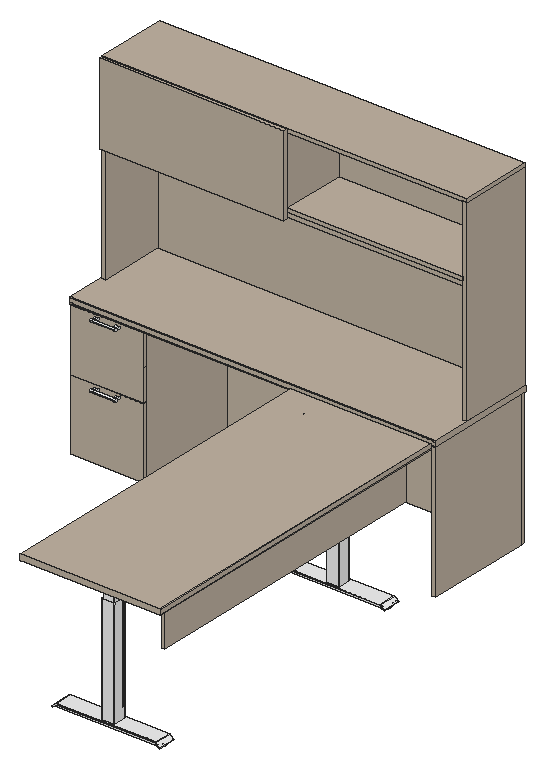
Revit family "JSI-Vision-Typical_Laminate-VST012", category Furniture, Revit 2020
Family settings
  OmniClass Number = 23.40.20.00
  OmniClass Title = General Furniture and Specialties
  Work Plane-Based = No
  Always vertical = Yes
  Cut with Voids When Loaded = No
  Shared = No
  Room Calculation Point = No
Parameters (values of type "VST012")
  URL = "www.jsifurniture.com"
  Type Comments = "Typical Laminate"  # constant formula
  Model = "VST012"
  Manufacturer = "JSI"  # constant formula
  Keynote = "12500"
  Default Elevation = 0"
  Assembly Code = "E2020200"
Reference planes (in)
  plane 1 "Center Front/Back": y = 0
  plane 2: z = 0
  plane 3 "Center Left/Right": x = 0
Dimensions and locks (in)
  aligned and locked: level to plane 2
Nested families (in)
  nested 1: "JSI-Vision-File_File_Credenza" at (36.06413, -10.75, 0), type "VST2478LC, Laminate 24 x 78 FF Ped Credenza Left"
    with Width 78", Panel R 23 3/4", Panel L 23 1/16", Panel B 62 1/4", Depth chassis 24", Depth 24"
  nested 2: "JSI-Vision-Overhead_Cabinets-Sliding_Door" at (0, 0, 0), type "VST1678SD, Laminate OH Cab. 16" x 78", Sld Doors"
    with Verticall Partition Distance 39", Unit Centre 39", Width 78", Right Vertical Partition no, Right Sliding Door no, Door Space 0"
  nested 3: "JSI-Vision-Adj_Table_Standard_Range" at (78, -25.20768, 0) x (0, -1, 0) z (0, 0, 1), type "VST3072AHTD-S, Adj Height Table Standard Range 72"W"
  nested 4: "JSI-Vision-Adj_Bridge_Modesty" at (75.75401, -29.20766, 0) x (0, -1, 0) z (0, 0, 1), type "VST0964TDM, Modesty for Adj Bridge, 64"W"
    with Width 64"
Definition of nested family "JSI-Vision-File_File_Credenza"
  Parameters (values of type "Type Catalog")
    Worksurface = none
    Width = 60"
    URL = "www.jsifurniture.com"
    Type Comments = ""
    Tag = "FF"  # constant formula
    Series = "Vision Casegoods"  # constant formula
    Pull Finish = none
    Panel R = if(LR, Depth - 1/4", Depth - 15/16")  # 19 3/4"
    Panel L = if(LR, Depth - 15/16", Depth - 1/4")  # 19 1/16"
    Panel FF = if(LR, 15", Width - 15 3/4")  # 15"
    Model = "Type Catalog"
    Material = ""
    Manufacturer = "JSI"  # constant formula
    LR = yes
    Keynote = "12500"
    JSI Enviromental Website = "http://www.jsifurniture.com/jsi_sustainability_intro.php"
    Height = 30"
    Grommet angle = if(LR, 90.00°, 270.00°)  # 90.00°
    Grommet Finish = none
    Panel B = if(LR, Width - 15 3/4", 15")  # 44 1/4"
    Grommet = if(LR, 14 1/2", Width - 15 49/128")  # 14 1/2"
    Drawer Front = none
    Description = "Type Catalog"
    Depth chassis = Depth  # 20"
    Depth = 20"
    Default Elevation = 0"
    Chassis = none
    FF = if(LR, 3/16", Width - 15 3/4" + 1/16")  # 3/16"
    Assembly Code = "E2020200"
  Reference planes (in)
    plane 1: z = 0
    plane 2 "Center (Left/Right)": x = -36.06413
    plane 3: z = 30
    plane 4: z = 28.8125
    plane 5: y = -9.25
    plane 6 "Center (Front/Back)": y = 10.75
    plane 7: y = 10.625
    plane 8: y = 10.75
    plane 9: x = -6.06413
    plane 10: x = 23.93587
    plane 11: y = 10.56003
    plane 12: x = -20.31413
    plane 13: x = 8.18587
    plane 14: y = -8.37
    plane 15: x = 15.93587
    plane 16: x = -28.12663
    plane 17: x = 23.81086
    plane 18: x = -35.93913
    plane 19: y = 8.875
    plane 20: y = 4.875
    plane 21: y = 9.8125
    plane 22: y = -8.31113
    plane 23: x = 8.18587
    plane 24: x = -35.87663
    plane 25: x = -20.37636
    plane 26: x = 23.68487
    plane 27: x = -21.56413
    plane 28: y = 6.875
    plane 29: y = -9
    plane 30: y = -8.3125
  Forms (in)
    Extrusion 1, solid, material <- "Worksurface"
      sketch origin (0, 0, 0) x (1, 0, 0) y (0, 1, 0)
        loop
          line (-36.06413, -9.125) -> (23.93587, -9.125) -> (23.93587, 10.625) -> (-36.06413, 10.625) -> (-36.06413, -9.125)
      from 28.8125 to 30
    Extrusion 2, solid, material <- "Drawer Front"
      sketch origin (-0.00163, 0.13, 0) x (1, 0, 0) y (0, 0, 1)
        loop
          line (-35.875, 28.6875) -> (-35.875, 22.07843) -> (-35.875, 15.32842) -> (-20.37473, 15.32842) -> (-20.37473, 22.07843) -> (-20.37473, 28.6875) -> (-35.875, 28.6875)
        loop
          line (-35.875, 15.20342) -> (-35.875, 0.14) -> (-20.37473, 0.14) -> (-20.37473, 15.20342) -> (-35.875, 15.20342)
      from 8.5 to 9.25
    Extrusion 3, solid, material <- "Chassis"
      sketch origin (-0.06413, 0, 0) x (0, 1, 0) y (0, 0, 1)
        loop
          line (-8.3125, 28.8125) -> (-8.3125, 0) -> (9.81003, 0) -> (9.81003, 28.8125) -> (-8.3125, 28.8125)
      from -35.875 to -35.125
    Extrusion 4, solid, material <- "Chassis"
      sketch origin (-0.06413, 0.034, 0) x (1, 0, 0) y (0, 0, 1)
        loop
          line (-35.125, 1.9375) -> (-35.125, 0) -> (-21, 0) -> (-21, 1.9375) -> (-35.125, 1.9375)
      from 7.59513 to 8.34513
    Extrusion 5, solid, material <- "Chassis"
      sketch origin (-0.06029, 0, 0) x (0, 1, 0) y (0, 0, -1)
        loop
          line (-9, -28.8125) -> (9.8125, -28.8125) -> (9.8125, 0) -> (-9, 0) -> (-9, -28.8125)
      from -23.87116 to -23.12116
    Sweep 6, solid, material <- "Worksurface"
      path in 3D
        loop
          line (-36.06413, -9.125, 30) -> (23.93587, -9.125, 30)
      profile origin (-6.06413, -9.125, 30) x (0, 1, 0) y (0, 0, 1)
        loop
          arc (0, 0) -> (-0.08839, -0.03661) -> (-0.125, -0.125) r 0.125
          line (-0.125, -0.125) -> (-0.125, -1.0625)
          arc (-0.125, -1.0625) -> (-0.08839, -1.15089) -> (0, -1.1875) r 0.125
          line (0, -1.1875) -> (0, 0)
    Extrusion 7, solid, material <- "Chassis"
      sketch origin (-0.06413, 28.15516, 0) x (1, 0, 0) y (0, 0, 1)
        loop
          line (-35.875, 28.8125) -> (-35.875, 0) -> (-20.25, 0) -> (-20.25, 28.8125) -> (-35.875, 28.8125)
      from 17.59513 to 18.34266
    Extrusion 8, solid, material <- "Chassis"
      sketch origin (57.45899, 0, 0) x (0, 1, 0) y (0, 0, -1)
        loop
          line (-8.31113, -28.8125) -> (9.8125, -28.8125) -> (9.8125, 0) -> (-8.31113, 0) -> (-8.31113, -28.8125)
      from 77.77312 to 78.52312
    Extrusion 9, solid, material <- "Chassis"
      sketch origin (-0.06413, 28.15516, 0) x (-1, 0, 0) y (0, 0, -1)
        loop
          line (-23.875, -28.8125) -> (-8.25, -28.8125) -> (-8.25, 0) -> (-23.875, 0) -> (-23.875, -28.8125)
      from 17.59513 to 18.34266
    Sweep 10, solid, material <- "Worksurface"
      path in 3D
        loop
          line (23.93587, 10.625, 30) -> (-36.06413, 10.625, 30)
      profile origin (-6.06413, 10.625, 30) x (0, -1, 0) y (0, 0, 1)
        loop
          arc (0, 0) -> (-0.08839, -0.03661) -> (-0.125, -0.125) r 0.125
          line (-0.125, -0.125) -> (-0.125, -1.0625)
          arc (-0.125, -1.0625) -> (-0.08839, -1.15089) -> (0, -1.1875) r 0.125
          line (0, -1.1875) -> (0, 0)
    Extrusion 11, solid, material <- "Chassis"
      sketch origin (0, 0, 0) x (1, 0, 0) y (0, 0, 1)
        loop
          line (8.93587, 2.5) -> (8.93587, 1.75) -> (23.06086, 1.75) -> (23.06086, 2.5) -> (8.93587, 2.5)
      from -9.8125 to -7.9375
    Extrusion 12, solid, material <- "Chassis"
      sketch origin (0, 0, 0) x (0, 1, 0) y (0, 0, 1)
        loop
          line (9.8125, 28.8125) -> (5.875, 28.8125) -> (5.875, 0) -> (9.8125, 0) -> (9.8125, 28.8125)
      from 8.18587 to 8.93587
    Extrusion 13, solid, material <- "Chassis"
      sketch origin (-12.12827, 0, 0) x (-1, 0, 0) y (0, 0, -1)
        loop
          line (8.93587, -2.5) -> (23.06086, -2.5) -> (23.06086, -1.75) -> (8.93587, -1.75) -> (8.93587, -2.5)
      from -9.8125 to -7.9375
    Extrusion 14, solid, material <- "Chassis"
      sketch origin (0, 0.03248, 0) x (1, 0, 0) y (0, 0, 1)
        loop
          line (-6.49921, 28.8125) -> (-20.31413, 28.8125) -> (-20.31413, 0) -> (8.18587, 0) -> (8.18587, 28.8125) -> (-6.49921, 28.8125)
      from -9.78002 to -9.03002
  Cuts and joins
    joined: Extrusion 1, Sweep 6, Sweep 10
  Lines and regions (in)
    sketch lines
      curve 1: line (-36.06413, -9.125, 30) -> (23.93587, -9.125, 30)
      curve 10: line (23.93587, 10.625, 30) -> (-36.06413, 10.625, 30)
    symbolic lines
      curve 2: line (23.93587, -9.25, 0) -> (-36.06413, -9.25, 0)
      curve 3: line (23.93587, -9.25, 0) -> (23.93587, 10.75, 0)
      curve 4: line (-36.06413, 10.75, 0) -> (-36.06413, -9.25, 0)
      curve 5: line (-20.31413, 10.56003, 0) -> (-35.93913, 10.56003, 0)
      curve 6: line (-20.37636, -8.37, 0) -> (-35.87663, -8.37, 0)
      curve 7: line (-20.37636, -9.12, 0) -> (-20.37636, -8.37, 0)
      curve 8: line (-35.87663, -9.12, 0) -> (-20.37636, -9.12, 0)
      curve 9: line (-35.87663, -8.37, 0) -> (-35.87663, -9.12, 0)
      curve 11: line (-36.06413, 10.75, 0) -> (23.93587, 10.75, 0)
      curve 12: line (-20.31413, -8.31113, 0) -> (-20.31413, 9.8125, 0)
      curve 13: line (-21.06413, -8.31113, 0) -> (-20.31413, -8.31113, 0)
      curve 14: line (23.81086, 10.56003, 0) -> (8.18587, 10.56003, 0)
      curve 15: line (8.18587, 10.56003, 0) -> (8.18587, 9.8125, 0)
      curve 16: line (8.18587, 9.8125, 0) -> (8.18587, 5.875, 0)
      curve 17: line (8.18587, 5.875, 0) -> (8.93587, 5.875, 0)
      curve 18: line (8.93587, 5.875, 0) -> (8.93587, 9.8125, 0)
      curve 19: line (-35.93913, -8.3125, 0) -> (-35.18913, -8.3125, 0)
      curve 20: line (-35.18913, -8.3125, 0) -> (-35.18913, 9.8125, 0)
      curve 21: line (-35.93913, 10.56003, 0) -> (-35.93913, -8.3125, 0)
      curve 22: line (23.06086, 9.8125, 0) -> (23.06086, -9, 0)
      curve 23: line (23.81086, -9, 0) -> (23.81086, 10.56003, 0)
      curve 24: line (23.06086, -9, 0) -> (23.81086, -9, 0)
      curve 25: line (-20.31413, 9.8125, 0) -> (-20.31413, 10.56003, 0)
      curve 26: line (-21.06413, 9.8125, 0) -> (-21.06413, -8.31113, 0)
      curve 27: line (23.81086, 9.8125, 0) -> (-35.93913, 9.8125, 0)
  Dimensions and locks (in)
    "Height": plane 3 to level
    locked: plane 3 to plane 4 at 1.1875
    "Depth": plane 6 "Center (Front/Back)" to plane 5
    locked: plane 7 to plane 6 "Center (Front/Back)" at 0.125
    equal spacing: plane 2 "Center (Left/Right)", plane 9, plane 10
    "Width": plane 2 "Center (Left/Right)" to plane 10
    locked: plane 8 to plane 11 at 0.18997
    "Depth chassis": plane 8 to plane 5
    locked: plane 2 "Center (Left/Right)" to plane 12 at 15.75
    locked: plane 13 to plane 10 at 15.75
    locked: Extrusion 4 to plane 14 at 0.80887
    locked: plane 14 to plane 5 at 0.88
    locked: plane 17 to plane 10 at 0.125
    locked: Extrusion 5 to Extrusion 5 at 0.75
    locked: Extrusion 3 to Extrusion 3 at 0.75
    locked: plane 19 to plane 20 at 4
    plane 22 to plane 5 = 0.93887"
    locked: plane 8 to plane 21 at 0.9375
    "Panel B": plane 2 "Center (Left/Right)" to plane 23
    locked: plane 23 to plane 15 at 7.75
    "FF": plane 2 "Center (Left/Right)" to plane 24
    locked: Extrusion 4 to Extrusion 4 at 0.75
    locked: plane 24 to plane 16 at 7.75
    locked: Extrusion 2 to Extrusion 2 at 0.75
    plane 8 to plane 20 = 5 7/8"
    Extrusion 7 to Extrusion 7 = 0.74753"
    Extrusion 8 to Extrusion 8 = 3/4"
    Extrusion 9 to Extrusion 9 = 0.74753"
    locked: plane 24 to plane 25 at 15.50027
    locked: plane 23 to plane 26 at 15.499
    plane 24 to Extrusion 4 to Extrusion 4 = 11/16" locked, 14 1/8" locked
    "Panel FF": plane 2 "Center (Left/Right)" to Extrusion 8
    locked: Extrusion 8 to Extrusion 8 at 0.75
    "Grommet": plane 2 "Center (Left/Right)" to plane 27
    equal spacing: plane 19, plane 28, plane 20
    "Panel B": plane 2 "Center (Left/Right)" to Extrusion 12
    locked: Extrusion 12 to Extrusion 12 at 3.9375
    locked: Extrusion 12 to Extrusion 12 at 0.75
    locked: Extrusion 11 to Extrusion 11 at 14.125
    locked: Extrusion 13 to Extrusion 13 at 14.125  (x2)
    locked: Extrusion 14 to Extrusion 14 at 0.75
    "Panel R": plane 29 to plane 6 "Center (Front/Back)"
    "Panel L": plane 8 to plane 30
    Extrusion 2 sketch curve to Extrusion 2 sketch curve to Extrusion 2 sketch curve to plane 1 = 1/8" locked, 15.06342" locked, 0.14" locked
    locked: plane 4 to Extrusion 2 sketch curve at 0.125
    locked: Extrusion 2 to nested 2 at 0.75
    locked: Extrusion 2 to nested 1 at 0.75
    aligned and locked: level to plane 1
    aligned and locked: Extrusion 3 to Extrusion 4
    aligned and locked: plane 17 to Extrusion 5
    aligned and locked: Extrusion 3 to plane 18
    aligned and locked: plane 14 to Extrusion 2
    aligned and locked: Extrusion 4 to plane 22
    aligned and locked: Extrusion 4 to level
    aligned and locked: nested 2 to plane 16
    aligned and locked: nested 1 to plane 16
    aligned and locked: Extrusion 2 to nested 1
    aligned and locked: Extrusion 2 to plane 24  (x2)
    aligned and locked: Extrusion 7 to plane 12
    aligned and locked: plane 4 to Extrusion 7
    aligned and locked: Extrusion 7 to plane 18
    aligned and locked: plane 18 to Extrusion 3
    aligned and locked: plane 11 to Extrusion 7
    aligned and locked: plane 22 to Extrusion 4
    aligned and locked: Extrusion 8 to plane 22
    aligned and locked: Extrusion 9 to plane 13
    aligned and locked: plane 17 to Extrusion 9
    aligned and locked: Extrusion 5 to plane 17
    aligned and locked: plane 25 to Extrusion 2  (x2)
    aligned and locked: curve 5 to Extrusion 7
    aligned and locked: curve 6 to Extrusion 2
    aligned and locked: curve 7 to Extrusion 2
    aligned and locked: curve 8 to Extrusion 2
    aligned and locked: curve 9 to Extrusion 2
    aligned and locked: Extrusion 1 to plane 7
    aligned and locked: plane 11 to Extrusion 9
    aligned and locked: curve 3 to cut or joined group of Extrusion 1, Sweep 6, Sweep 10
    aligned and locked: curve 12 to Extrusion 8
    aligned and locked: curve 13 to Extrusion 8
    aligned and locked: plane 21 to Extrusion 9
    aligned and locked: plane 21 to Extrusion 12
    aligned and locked: plane 21 to Extrusion 11
    aligned and locked: Extrusion 11 to Extrusion 5
    aligned and locked: Extrusion 13 to Extrusion 3
    aligned and locked: curve 14 to Extrusion 9
    aligned and locked: curve 15 to Extrusion 9
    aligned and locked: Extrusion 12 to curve 16
    aligned and locked: curve 17 to Extrusion 12
    aligned and locked: curve 18 to Extrusion 12
    aligned and locked: Extrusion 3 to plane 30
    aligned and locked: curve 19 to Extrusion 3
    aligned and locked: curve 20 to Extrusion 3
    aligned and locked: curve 21 to Extrusion 3
    aligned and locked: Extrusion 5 to plane 29
    aligned and locked: curve 22 to Extrusion 5
    aligned and locked: curve 23 to Extrusion 5
    aligned and locked: curve 24 to Extrusion 5
    aligned and locked: curve 25 to Extrusion 7
    aligned and locked: plane 21 to Extrusion 8
    aligned and locked: plane 21 to Extrusion 5
    aligned and locked: Extrusion 7 to plane 21
    aligned and locked: curve 26 to Extrusion 8
    aligned and locked: nested 3 to plane 16
    aligned and locked: nested 3 to plane 5
    aligned and locked: curve 27 to Extrusion 14
    aligned and locked: Extrusion 2 to nested 2
  Automatic sketch dimensions
    Extrusion 1 sketch curve to plane 2 "Center (Left/Right)" = 0"
    Extrusion 1 sketch curve to plane 10 = 0"
    plane 7 to Extrusion 1 sketch curve = 0"
    plane 5 to Extrusion 1 sketch curve = 1/8"
    Extrusion 2 sketch curve to plane 24 = 0"  (x2)
    Extrusion 2 sketch curve to plane 25 = 0"  (x2)
    Extrusion 2 sketch curve to plane 4 = 6.73407"  (x2)
    Extrusion 3 sketch curve to plane 4 = 0"
    Extrusion 3 sketch curve to plane 22 = 0.00137"
    Extrusion 3 sketch curve to level = 0"
    Extrusion 3 sketch curve to plane 21 = 0.00247"
    Extrusion 4 sketch curve to level = 0"
    plane 27 to Extrusion 4 sketch curve = 13 5/8"
    Extrusion 4 sketch curve to plane 25 = 0.68777"
    level to Extrusion 4 sketch curve = 1 15/16"
    Extrusion 5 sketch curve to plane 4 = 0"
    Extrusion 5 sketch curve to plane 22 = 0.68887"
    Extrusion 5 sketch curve to level = 0"
    Extrusion 5 sketch curve to plane 21 = 0"
    Sweep 6 sketch curve to profile plane = 0"  (x2)
    profile plane to Sweep 6 sketch curve = 1/8"
    Sweep 6 sketch curve to Sweep 6 sketch curve = 15/16"
    Extrusion 7 sketch curve to level = 0"
    plane 18 to Extrusion 7 sketch curve = 0"
    plane 12 to Extrusion 7 sketch curve = 0"
    Extrusion 7 sketch curve to plane 4 = 0"
    Extrusion 8 sketch curve to plane 22 = 0"
    Extrusion 8 sketch curve to level = 0"
    Extrusion 8 sketch curve to plane 21 = 0"
    Extrusion 9 sketch curve to level = 0"
    Extrusion 9 sketch curve to plane 17 = 0"
    Extrusion 9 sketch curve to plane 13 = 0"
    Extrusion 9 sketch curve to plane 4 = 0"
    Sweep 10 sketch curve to profile plane = 0"  (x2)
    profile plane to Sweep 10 sketch curve = 1/8"
    Sweep 10 sketch curve to Sweep 10 sketch curve = 15/16"
    Extrusion 11 sketch curve to plane 27 = 30 1/2"
    plane 25 to Extrusion 11 sketch curve = 43.43723"
    level to Extrusion 11 sketch curve = 1 3/4"
    Extrusion 11 sketch curve to Extrusion 11 sketch curve = 3/4"
    Extrusion 12 sketch curve to level = 0"
    Extrusion 12 sketch curve to plane 21 = 0"
    Extrusion 12 sketch curve to plane 28 = 1"
    plane 4 to Extrusion 12 sketch curve = 0"
    Extrusion 13 sketch curve to plane 23 = 29 1/4"
    Extrusion 13 sketch curve to plane 18 = 3/4"
    level to Extrusion 13 sketch curve = 2 1/2"
    Extrusion 13 sketch curve to Extrusion 13 sketch curve = 3/4"
    Extrusion 14 sketch curve to level = 0"
    Extrusion 14 sketch curve to plane 4 = 0"
    Extrusion 14 sketch curve to plane 13 = 0"
    plane 9 to Extrusion 14 sketch curve = 0.43507"
    plane 12 to Extrusion 14 sketch curve = 0"
    curve 2 to plane 2 "Center (Left/Right)" = 0"
    curve 27 to plane 18 = 0"
    curve 9 to plane 14 = 0"
    curve 9 to plane 24 = 0"
    curve 20 to plane 30 = 0"
    curve 26 to plane 22 = 0"
    curve 7 to plane 25 = 0"
    curve 5 to plane 11 = 0"
    curve 5 to plane 12 = 0"
    curve 16 to plane 23 = 0"
    curve 15 to plane 11 = 0"
    curve 15 to plane 13 = 0"
    curve 24 to plane 29 = 0"
    curve 24 to plane 17 = 0"
    curve 2 to plane 5 = 0"
    plane 6 "Center (Front/Back)" to curve 11 = 0"
    plane 24 to curve 20 = 11/16"
    curve 26 to plane 27 = 1/2"
    plane 12 to curve 13 = 0"
    plane 13 to curve 17 = 3/4"
    curve 24 to plane 26 = 0.624"
    curve 8 to plane 29 = 0.12"
    curve 17 to plane 28 = 1"
    curve 25 to plane 21 = 0"
    Extrusion 8 sketch curve to plane 4 = 0"
  Nested families (in)
    nested 1: "Bar Pull" at (-28.12663, -9.12, 14.45342), Pull Finish <- "Pull Finish", type "PL"
      with Pull Finish none
    nested 2: "Bar Pull" at (-28.12663, -9.12, 27.9375), Pull Finish <- "Pull Finish", type "PL"
      with Pull Finish none
    nested 3: "Label 1-16-FF" at (-28.12663, -9.25, 0), type "DRWCFG"
  Definition of nested family "Bar Pull"
    Parameters
      Pull Finish [instance] = none
      Default Elevation = 0"
    Reference planes (in)
      plane 1 "Center Front/Back": y = 0
      plane 2: z = 0
      plane 3 "Center Left/Right": x = 0
      plane 4: x = -2.68731
      plane 5: x = -1.88731
      plane 6: x = 2.68731
      plane 7: x = 1.88731
      plane 8: y = -1
      plane 9: y = -0.85202
    Forms (in)
      Extrusion 1, solid, material <- "Pull Finish"
        sketch origin (0, 0, 0) x (0, 1, 0) y (0, 0, 1)
          loop
            line (0, -0.2015) -> (0, 0.2015) -> (-0.85202, 0.2015)
            arc (-0.85202, 0.2015) -> (-0.75, 0) -> (-0.85202, -0.2015) r 0.25
            line (-0.85202, -0.2015) -> (0, -0.2015)
        from 1.88731 to 2.68731
      Extrusion 2, solid, material <- "Pull Finish"
        sketch origin (0, 0, 0) x (0, 1, 0) y (0, 0, 1)
          loop
            circle (-1, 0) r 0.25
        from -2.68731 to 2.68731
      Extrusion 3, solid, material <- "Pull Finish"
        sketch origin (0, 0, 0) x (0, 1, 0) y (0, 0, -1)
          loop
            line (0, 0.2015) -> (-0.85202, 0.2015)
            arc (-0.85202, 0.2015) -> (-0.75, 0) -> (-0.85202, -0.2015) r 0.25
            line (-0.85202, -0.2015) -> (0, -0.2015) -> (0, 0.2015)
        from 1.88731 to 2.68731
    Dimensions and locks (in)
      plane 4 to plane 5 to plane 3 "Center Left/Right" to plane 7 to plane 6 = 0.8" locked, 1.88731" locked, 1.88731" locked, 0.8" locked
      plane 8 to plane 9 to plane 1 "Center Front/Back" = 0.14798" locked, 0.85202" locked
      aligned and locked: level to plane 2
      aligned and locked: plane 4 to Extrusion 3
      aligned and locked: Extrusion 3 to plane 5
      aligned and locked: plane 4 to Extrusion 2
      aligned and locked: Extrusion 1 to plane 7
      aligned and locked: plane 6 to Extrusion 1
      aligned and locked: plane 6 to Extrusion 2
      aligned and locked: plane 8 to Extrusion 2 sketch curve
      aligned and locked: Extrusion 3 to plane 1 "Center Front/Back"
      aligned and locked: Extrusion 1 to plane 1 "Center Front/Back"
      aligned and locked: plane 5 to Extrusion 3
      aligned and locked: Extrusion 3 to plane 4
      aligned and locked: Extrusion 2 to plane 4
      aligned and locked: plane 7 to Extrusion 1
      aligned and locked: Extrusion 1 to plane 6
      aligned and locked: Extrusion 2 to plane 6
  Definition of nested family "Label 1-16-FF"
    Parameters
      Width = 1"
      Model Name = "FF"
    Reference planes (in)
      plane 1: y = 0
      plane 2: x = 0
    Text (in)
      label "XX" at (0.00051, -0.12324, 0), shows "Model Name"
Definition of nested family "JSI-Vision-Overhead_Cabinets-Sliding_Door"
  Parameters (values of type "Overhead Cab. Sliding Doors - Type Catalog Family")
    Verticall Partition Distance = if(Width > 84", ((Width - 1/2") / 3), (Width / 2))  # 29.83333"
    Unit Centre = Width / 2  # 45"
    Top = none
    Width = 90"
    URL = "www.jsifurniture.com"
    Type Comments = ""
    Tag = "1 Door - 1 Shelf - 1 Door"
    Series = "Vision Casegoods"  # constant formula
    Right Vertical Partition = yes
    Right Sliding Door = yes
    Overhead Height = 26 1/2"
    OH Elevation = 30"
    Model = "Type Catalog"
    Material = ""
    Manufacturer = "JSI"  # constant formula
    Left Vertical Partition = yes
    Keynote = "12500"  # constant formula
    JSI Enviromental Website = "http://www.jsifurniture.com/jsi_sustainability_intro.php"
    Height = 42"
    Grommet Finish = none
    Gromett Height = OH Elevation + 24 5/8"  # 54 5/8"
    Door Space = if(Width > 84", 1/16", 0")  # 1/16"
    Door Front = none
    Description = "Type Catalog"
    Depth = 16"
    Default Elevation = 0"
    Chassis = none
    Assembly Code = "E2020200"
  Reference planes (in)
    plane 1 "Center Front/Back": y = 0
    plane 2: z = 0
    plane 3 "Center Left/Right": x = 0
    plane 4: z = 0
    plane 5: y = -0.125
    plane 6: x = 90
    plane 7: x = 0.125
    plane 8: x = 89.875
    plane 9: y = -15.5625
    plane 10: y = -16
    plane 11: z = 72.5
    plane 12: z = 72
    plane 13: x = 0.875
    plane 14: x = 89.125
    plane 15: y = -0.875
    plane 16: y = -0.9375
    plane 17: y = -1.6875
    plane 18: z = 71.75
    plane 19: z = 56.5
    plane 20: z = 57.25
    plane 21: z = 55
    plane 22: y = -14.8125
    plane 23: y = -14.0625
    plane 24: x = 0.25
    plane 25: x = 89.75
    plane 26: z = 72.4375
    plane 27: z = 55.1875
    plane 28: y = -15.625
    plane 29: y = -16.375
    plane 30: x = 18.0625
    plane 31: x = 18.1875
    plane 32: x = 18.125
    plane 33: x = 45
    plane 34: x = 30.08333
    plane 35: x = 59.91667
    plane 36: x = 29.70833
    plane 37: x = 30.45833
    plane 38: x = 59.54167
    plane 39: x = 60.29167
    plane 40 "Not a Reference": x = 6.875
    plane 41: x = 83.125
    plane 42: x = 30.39583
    plane 43: x = 59.60417
    plane 44: z = 30
  Forms (in)
    Extrusion 1, solid, material <- "Chassis"
      sketch origin (0, 0, 0) x (1, 0, 0) y (0, 1, 0)
        loop
          line (0.125, -0.125) -> (0.125, -15.5625) -> (0.875, -15.5625) -> (0.875, -0.125) -> (0.125, -0.125)
      from 30 to 71.75
    Extrusion 2, solid, material <- "Chassis"
      sketch origin (0, 0, 0) x (1, 0, 0) y (0, 1, 0)
        loop
          line (89.875, -0.125) -> (89.125, -0.125) -> (89.125, -15.5625) -> (89.875, -15.5625) -> (89.875, -0.125)
      from 30 to 71.75
    Extrusion 3, solid, material <- "Door Front"
      sketch origin (0, 0, 0) x (1, 0, 0) y (0, 0, 1)
        loop
          line (0.125, 72.5) -> (0.125, 71.75) -> (89.875, 71.75) -> (89.875, 72.5) -> (0.125, 72.5)
      from 0.125 to 15.5625
    Extrusion 4, solid, material <- "Chassis"
      sketch origin (0, 0, 0) x (1, 0, 0) y (0, 0, 1)
        loop
          line (0.875, 57.25) -> (0.875, 56.5) -> (89.125, 56.5) -> (89.125, 57.25) -> (0.875, 57.25)
      from 1.6875 to 15.5625
    Extrusion 5, solid, material <- "Chassis"
      sketch origin (0, 0, 0) x (1, 0, 0) y (0, 1, 0)
        loop
          line (0.875, -14.0625) -> (0.875, -14.8125) -> (89.125, -14.8125) -> (89.125, -14.0625) -> (0.875, -14.0625)
      from 55 to 56.5
    Extrusion 6, solid, material <- "Door Front"
      sketch origin (0, 0.0625, 0) x (1, 0, 0) y (0, 1, 0)
        loop
          line (0.25, -15.6875) -> (0.25, -16.4375) -> (30.39583, -16.4375) -> (30.39583, -15.6875) -> (0.25, -15.6875)
      from 55.1875 to 72.4375
    Extrusion 7, solid, material <- "Chassis", visible <- "Left Vertical Partition"
      sketch origin (0, 0, 0) x (1, 0, 0) y (0, 1, 0)
        loop
          line (29.70833, -1.6875) -> (29.70833, -15.5625) -> (30.45833, -15.5625) -> (30.45833, -1.6875) -> (29.70833, -1.6875)
      from 57.25 to 71.75
    Extrusion 8, solid, material <- "Chassis", visible <- "Right Vertical Partition"
      sketch origin (0, 0, 0) x (1, 0, 0) y (0, 1, 0)
        loop
          line (59.54167, -1.6875) -> (59.54167, -15.5625) -> (60.29167, -15.5625) -> (60.29167, -1.6875) -> (59.54167, -1.6875)
      from 57.25 to 71.75
    Extrusion 9, solid, material <- "Chassis"
      sketch origin (130.61992, -0.9375, 48) x (1, 0, 0) y (0, 0, 1)
        loop
          line (-129.74492, 23.75) -> (-129.74492, -18) -> (-41.49492, -18) -> (-41.49492, 23.75) -> (-129.74492, 23.75)
        loop
          circle (-114.11949, 7.90454) r 0.33717
        loop
          circle (-57.12036, 7.90454) r 0.33717
      from 0 to 0.75
    Extrusion 10, solid, material <- "Door Front", visible <- "Right Sliding Door"
      sketch origin (0, 0, 0) x (1, 0, 0) y (0, 1, 0)
        loop
          line (59.60417, -15.625) -> (59.60417, -16.375) -> (89.75, -16.375) -> (89.75, -15.625) -> (59.60417, -15.625)
      from 55.1875 to 72.4375
  Lines and regions (in)
    symbolic lines
      curve 1: line (0.125, -0.125, 0) -> (0.125, -15.5625, 0)
      curve 2: line (89.875, -0.125, 0) -> (0.125, -0.125, 0)
      curve 3: line (0.125, -15.5625, 0) -> (89.875, -15.5625, 0)
      curve 4: line (89.875, -15.5625, 0) -> (89.875, -0.125, 0)
      curve 5: line (0.25, -15.625, 0) -> (30.39583, -15.625, 0)
      curve 6: line (0.25, -16.375, 0) -> (0.25, -15.625, 0)
      curve 7: line (30.39583, -16.375, 0) -> (0.25, -16.375, 0)
      curve 8: line (30.39583, -15.625, 0) -> (30.39583, -16.375, 0)
    symbolic lines, visible <- "Right Sliding Door"
      curve 9: line (59.60417, -16.375, 0) -> (89.75, -16.375, 0)
      curve 10: line (59.60417, -15.625, 0) -> (59.60417, -16.375, 0)
      curve 11: line (89.75, -15.625, 0) -> (59.60417, -15.625, 0)
      curve 12: line (89.75, -16.375, 0) -> (89.75, -15.625, 0)
  Dimensions and locks (in)
    plane 3 "Center Left/Right" to plane 7 to plane 24 = 1/8" locked, 1/8" locked
    plane 25 to plane 8 to plane 6 = 1/8" locked, 1/8" locked
    locked: plane 5 to plane 1 "Center Front/Back" at 0.125
    plane 10 to plane 9 to plane 22 to plane 23 = 7/16" locked, 3/4" locked, 3/4" locked
    "Width": plane 3 "Center Left/Right" to plane 6
    "Depth": plane 10 to plane 1 "Center Front/Back"
    locked: plane 11 to plane 12 at 0.5
    locked: plane 7 to plane 13 at 0.75
    locked: plane 14 to plane 8 at 0.75
    locked: plane 15 to plane 5 at 0.75
    plane 17 to plane 16 to plane 5 = 3/4" locked, 13/16" locked
    locked: plane 11 to plane 18 at 0.75
    plane 20 to plane 19 to plane 21 = 3/4" locked, 1 1/2" locked
    plane 18 to plane 20 = 14 1/2"
    locked: plane 11 to plane 26 at 0.0625
    locked: plane 27 to plane 21 at 0.1875
    plane 29 to plane 28 to plane 9 = 3/4" locked, 1/16" locked
    plane 30 to plane 32 to plane 31 = 1/16" locked, 1/16" locked
    "Verticall Partition Distance": plane 24 to plane 34
    plane 36 to plane 34 to plane 37 = 3/8" locked, 3/8" locked
    plane 38 to plane 35 to plane 39 = 3/8" locked, 3/8" locked
    "Verticall Partition Distance": plane 35 to plane 25
    "Unit Centre": plane 3 "Center Left/Right" to plane 33
    locked: plane 13 to plane 40 "Not a Reference" at 6
    locked: plane 41 to plane 14 at 6
    "Door Space": plane 42 to plane 37
    "Door Space": plane 38 to plane 43
    "OH Elevation": plane 44 to plane 4
    "Height": plane 12 to plane 44
    "Overhead Height": plane 19 to plane 44
    locked: Extrusion 9 sketch curve to Extrusion 9 sketch curve at 15.62543  (x2)
    locked: Extrusion 9 sketch curve to Extrusion 9 sketch curve at 15.84546  (x2)
    aligned and locked: level to plane 2
    aligned and locked: plane 5 to Extrusion 1 sketch curve
    aligned and locked: plane 7 to Extrusion 1 sketch curve
    aligned and locked: Extrusion 1 sketch curve to plane 13
    aligned and locked: Extrusion 2 sketch curve to plane 5
    aligned and locked: plane 8 to Extrusion 2 sketch curve
    aligned and locked: Extrusion 2 sketch curve to plane 14
    aligned and locked: Extrusion 3 sketch curve to plane 11
    aligned and locked: plane 7 to Extrusion 3 sketch curve
    aligned and locked: Extrusion 3 to plane 5
    aligned and locked: plane 9 to Extrusion 1
    aligned and locked: plane 9 to Extrusion 2
    aligned and locked: plane 9 to Extrusion 3
    aligned and locked: Extrusion 4 sketch curve to plane 20
    aligned and locked: plane 13 to Extrusion 4 sketch curve
    aligned and locked: plane 19 to Extrusion 4 sketch curve
    aligned and locked: Extrusion 4 sketch curve to plane 14
    aligned and locked: Extrusion 4 to plane 17
    aligned and locked: plane 9 to Extrusion 4
    aligned and locked: plane 23 to Extrusion 5 sketch curve
    aligned and locked: plane 13 to Extrusion 5 sketch curve
    aligned and locked: Extrusion 5 sketch curve to plane 22
    aligned and locked: Extrusion 5 sketch curve to plane 14
    aligned and locked: plane 19 to Extrusion 5
    aligned and locked: Extrusion 5 to plane 21
    aligned and locked: plane 26 to Extrusion 6
    aligned and locked: Extrusion 6 to plane 27
    aligned and locked: Extrusion 6 to plane 24
    aligned and locked: plane 17 to Extrusion 7 sketch curve
    aligned and locked: plane 36 to Extrusion 7 sketch curve
    aligned and locked: Extrusion 7 sketch curve to plane 9
    aligned and locked: Extrusion 7 sketch curve to plane 37
    aligned and locked: plane 17 to Extrusion 8 sketch curve
    aligned and locked: plane 38 to Extrusion 8 sketch curve
    aligned and locked: Extrusion 8 sketch curve to plane 9
    aligned and locked: Extrusion 8 sketch curve to plane 39
    aligned and locked: plane 18 to Extrusion 7
    aligned and locked: Extrusion 7 to plane 20
    aligned and locked: plane 18 to Extrusion 8
    aligned and locked: Extrusion 8 to plane 20
    aligned and locked: Extrusion 1 to Extrusion 9 sketch curve
    aligned and locked: Extrusion 9 sketch curve to Extrusion 1
    aligned and locked: Extrusion 2 to Extrusion 9 sketch curve
    aligned and locked: Extrusion 9 to plane 16
    aligned and locked: plane 17 to Extrusion 9
    aligned and locked: Extrusion 6 to plane 28
    aligned and locked: plane 24 to Extrusion 6 sketch curve
    aligned and locked: plane 28 to Extrusion 6 sketch curve
    aligned and locked: Extrusion 6 sketch curve to plane 29
    aligned and locked: Extrusion 6 sketch curve to plane 42
    aligned and locked: plane 28 to Extrusion 10 sketch curve
    aligned and locked: plane 43 to Extrusion 10 sketch curve
    aligned and locked: Extrusion 10 sketch curve to plane 29
    aligned and locked: Extrusion 10 sketch curve to plane 25
    aligned and locked: plane 26 to Extrusion 10
    aligned and locked: Extrusion 10 to plane 27
    aligned and locked: plane 33 to nested 1
    aligned and locked: plane 29 to nested 1
    aligned and locked: plane 18 to Extrusion 1
    aligned and locked: plane 18 to Extrusion 2
    aligned and locked: curve 1 to Extrusion 3
    aligned and locked: curve 2 to Extrusion 3
    aligned and locked: curve 3 to Extrusion 3
    aligned and locked: curve 4 to Extrusion 3
    aligned and locked: Extrusion 1 to plane 44
    aligned and locked: Extrusion 2 to plane 44
    aligned and locked: plane 44 to Extrusion 9 sketch curve
    aligned and locked: curve 5 to Extrusion 6
    aligned and locked: curve 6 to Extrusion 6
    aligned and locked: curve 7 to Extrusion 6
    aligned and locked: curve 8 to Extrusion 6
    aligned and locked: curve 9 to Extrusion 10
    aligned and locked: curve 10 to Extrusion 10
    aligned and locked: curve 11 to Extrusion 10
    aligned and locked: curve 12 to Extrusion 10
  Automatic sketch dimensions
    Extrusion 1 sketch curve to plane 10 = 7/16"
    Extrusion 3 sketch curve to plane 8 = 0"
    Extrusion 3 sketch curve to plane 18 = 0"
    plane 9 to Extrusion 2 sketch curve = 0"
    radius of Extrusion 9 sketch curve = 0.33717"  (x2)
  Nested families (in)
    nested 1: "Label 1-16 OH" at (45, -16.375, 0), type "OH DOORS"
  Definition of nested family "Label 1-16 OH"
    Parameters
      Width = 1"
      Model Name = "2 Doors"
    Reference planes (in)
      plane 1: y = 0
      plane 2: x = 0
    Text (in)
      label "XX" at (0.00051, -0.12324, 0), shows "Model Name"
Definition of nested family "JSI-Vision-Adj_Table_Standard_Range"
  Parameters (values of type "VST3048AHTD-S, Adj Height Table Standard Range 48"W")
    Width = 48"
    Upper Leg Finish = none
    URL = "www.jsifurniture.com"
    Type Comments = ""
    Top Finish = none
    Support Finish = none
    Series = "Vision Casegoods"  # constant formula
    Low Leg Finish = none
    Model = "VST3048AHTD-S"
    Material = ""
    Manufacturer = "JSI"  # constant formula
    Keynote = "12500"  # constant formula
    JSI Enviromental Website = "http://www.jsifurniture.com/jsi_sustainability_intro.php"
    Height = 30"
    Glide Finish = none
    Feet Finish = none
    Description = "Adjustable Height Table Desk Standard Range Laminate, 30”H x 30” x 48”W"
    Depth = 30"
    Default Elevation = 0"
    Assembly Code = "E2020200"
    Adj Post Finish = none
  Types (6): name | Width | Model | Description
    VST3072AHTD-S, Adj Height Table Standard Range 72"W | 72" | "VST3072AHTD-S" | "Adjustable Height Table Desk Standard Range Laminate, 30”H x 30” x 72”W"
    VSV3072AHTD-S, Adj Height Table Standard Range 72"W | 72" | "VSV3072AHTD-S" | "Adjustable Height Table Desk Standard Range Venner, 30”H x 30” x 72”W"
    VST3060AHTD-S, Adj Height Table Standard Range 60"W | 60" | "VST3060AHTD-S" | "Adjustable Height Table Desk Standard Range Laminate, 30”H x 30” x 60”W"
    VSV3060AHTD-S, Adj Height Table Standard Range 60"W | 60" | "VSV3060AHTD-S" | "Adjustable Height Table Desk Standard Range Venner, 30”H x 30” x 60”W"
    VST3048AHTD-S, Adj Height Table Standard Range 48"W | 48" | "VST3048AHTD-S" | "Adjustable Height Table Desk Standard Range Laminate, 30”H x 30” x 48”W"
    VSV3048AHTD-S, Adj Height Table Standard Range 48"W | 48" | "VSV3048AHTD-S" | "Adjustable Height Table Desk Standard Range Venner, 30”H x 30” x 48”W"
  Reference planes (in)
    plane 1 "Center Front/Back": y = 0
    plane 2: z = 0
    plane 3 "Center Left/Right": x = 0
    plane 4: z = 30
    plane 5: z = 28.8125
    plane 6: x = 48
    plane 7: y = -30
    plane 8: y = -15
  Forms (in)
    Extrusion 1, solid, material <- "Top Finish"
      sketch origin (0, 0, 0) x (0, 1, 0) y (0, 0, 1)
        loop
          arc (-29.88189, 30) -> (-29.96256, 29.96256) -> (-30, 29.88189) r 0.12937
          line (-30, 29.88189) -> (-30, 28.93061)
          arc (-30, 28.93061) -> (-29.96256, 28.84994) -> (-29.88189, 28.8125) r 0.12937
          line (-29.88189, 28.8125) -> (-29.72106, 28.8125) -> (-0.27894, 28.8125) -> (-0.11811, 28.8125)
          arc (-0.11811, 28.8125) -> (-0.03744, 28.84994) -> (0, 28.93061) r 0.12937
          line (0, 28.93061) -> (0, 29.88189)
          arc (0, 29.88189) -> (-0.03744, 29.96256) -> (-0.11811, 30) r 0.12937
          line (-0.11811, 30) -> (-29.88189, 30)
      from 0 to 48
  Lines and regions (in)
    symbolic lines
      curve 1: line (0, 0, 0) -> (48, 0, 0)
      curve 2: line (0, -30, 0) -> (0, 0, 0)
      curve 3: line (48, -30, 0) -> (0, -30, 0)
      curve 4: line (48, 0, 0) -> (48, -30, 0)
  Dimensions and locks (in)
    "Height": plane 4 to level
    locked: plane 4 to plane 5 at 1.1875
    "Width": plane 3 "Center Left/Right" to plane 6
    "Depth": plane 1 "Center Front/Back" to plane 7
    equal spacing: plane 1 "Center Front/Back", plane 8, plane 7
    aligned and locked: level to plane 2
    aligned and locked: plane 3 "Center Left/Right" to nested 1
    aligned and locked: nested 1 to plane 8
    aligned and locked: plane 4 to Extrusion 1 sketch curve
    aligned and locked: Extrusion 1 sketch curve to plane 5
    aligned and locked: Extrusion 1 sketch curve to plane 1 "Center Front/Back"
    aligned and locked: Extrusion 1 sketch curve to plane 7
    aligned and locked: Extrusion 1 to plane 3 "Center Left/Right"
    aligned and locked: Extrusion 1 to plane 6
    aligned and locked: plane 7 to curve 3
    aligned and locked: plane 1 "Center Front/Back" to curve 1
    aligned and locked: plane 3 "Center Left/Right" to curve 2
    aligned and locked: plane 6 to curve 4
  Automatic sketch dimensions
    plane 7 to Extrusion 1 sketch curve = 0.11811"  (x2)
    Extrusion 1 sketch curve to plane 5 = 0"  (x2)
    plane 7 to Extrusion 1 sketch curve = 33/256"  (x2)
    Extrusion 1 sketch curve to Extrusion 1 sketch curve = 0.16082"
    plane 1 "Center Front/Back" to Extrusion 1 sketch curve = 0.27894"
    plane 1 "Center Front/Back" to Extrusion 1 sketch curve = 33/256"  (x2)
    plane 1 "Center Front/Back" to Extrusion 1 sketch curve = 0.11811"  (x2)
    plane 5 to Extrusion 1 sketch curve = 0.11811"  (x2)
    Extrusion 1 sketch curve to plane 4 = 33/256"  (x2)
  Nested families (in)
    nested 1: "Adj Base" at (0, -15, 0), Height <- "Height", W Top <- "Width", Adj Post Finish <- "Adj Post Finish", Feet Finish <- "Feet Finish", Glide Finish <- "Glide Finish", Low Leg Finish <- "Low Leg Finish", Support Finish <- "Support Finish", Upper Leg Finish <- "Upper Leg Finish", type "Adj Base"
      with W Top 48", Upper Leg Finish none, Support Finish none, Low Leg Finish none, Height 30", Glide Finish none, Feet Finish none, Adj Post Finish none
  Definition of nested family "Adj Base"
    Parameters (values of type "Adj Base")
      W Top [instance] = 72"
      Upper Leg Finish [instance] = none
      Support Finish [instance] = none
      Low Leg Finish [instance] = none
      Height [instance] = 29 1/2"
      Glide Finish [instance] = none
      Feet Finish [instance] = none
      Default Elevation = 0"
      Adj Post Finish [instance] = none
    Reference planes (in)
      plane 1 "Center (Front/Back)": y = 0
      plane 2: z = 0
      plane 3 "Center (Left/Right)": x = 0
      plane 4: z = 29.5
      plane 5: x = 72
      plane 6: z = 28.3125
      plane 7: x = 6.09647
      plane 8: x = 65.90353
    Forms (in)
      Extrusion 1, solid, material <- "Support Finish"
        sketch origin (1.67343, 0, 0) x (-1, 0, 0) y (0, 0, 1)
          loop
            line (-2.26388, 26.15894) -> (-2.26388, 28.00935) -> (-10.9253, 28.00935) -> (-10.9253, 27.73435) -> (-10.3632, 27.73435) -> (-9.86301, 26.15894) -> (-2.26388, 26.15894)
          loop
            line (-66.38926, 26.15894) -> (-58.79012, 26.15894) -> (-58.28994, 27.73435) -> (-57.72784, 27.73435) -> (-57.72784, 28.00935) -> (-66.38926, 28.00935) -> (-66.38926, 26.15894)
        from -1.89028 to 1.90897
      Extrusion 2, solid, material <- "Support Finish"
        sketch origin (8.68126, 0, 0) x (0, 1, 0) y (0, 0, 1)
          loop
            arc (2.60827, 26.81644) -> (2.67785, 26.84526) -> (2.70667, 26.91484) r 0.0984
            line (2.70667, 26.91484) -> (2.70667, 28.09931)
            arc (2.70667, 28.09931) -> (2.67882, 28.16654) -> (2.61158, 28.19439) r 0.09508
            line (2.61158, 28.19439) -> (2.01307, 28.19439)
            arc (2.01307, 28.19439) -> (1.94678, 28.16693) -> (1.91932, 28.10064) r 0.09375
            line (1.91932, 28.10064) -> (1.91932, 26.91484)
            arc (1.91932, 26.91484) -> (1.94814, 26.84526) -> (2.01772, 26.81644) r 0.0984
            line (2.01772, 26.81644) -> (2.60827, 26.81644)
          loop
            line (-2.60827, 26.81644) -> (-2.01772, 26.81644)
            arc (-2.01772, 26.81644) -> (-1.94814, 26.84526) -> (-1.91932, 26.91484) r 0.0984
            line (-1.91932, 26.91484) -> (-1.91932, 28.10064)
            arc (-1.91932, 28.10064) -> (-1.94678, 28.16693) -> (-2.01307, 28.19439) r 0.09375
            line (-2.01307, 28.19439) -> (-2.61158, 28.19439)
            arc (-2.61158, 28.19439) -> (-2.67882, 28.16654) -> (-2.70667, 28.09931) r 0.09508
            line (-2.70667, 28.09931) -> (-2.70667, 26.91484)
            arc (-2.70667, 26.91484) -> (-2.67785, 26.84526) -> (-2.60827, 26.81644) r 0.0984
        from -5.06315 to 15.07466
      Extrusion 3, solid, material <- "Support Finish"
        sketch origin (1.70596, 0, 0) x (0, 1, 0) y (0, 0, 1)
          loop
            arc (2.50984, 27.32825) -> (2.59335, 27.36284) -> (2.62794, 27.44635) r 0.1181
            line (2.62794, 27.44635) -> (2.62794, 27.99755)
            arc (2.62794, 27.99755) -> (2.59335, 28.08106) -> (2.50984, 28.11565) r 0.1181
            line (2.50984, 28.11565) -> (2.15551, 28.11565)
            arc (2.15551, 28.11565) -> (2.072, 28.08106) -> (2.03741, 27.99755) r 0.1181
            line (2.03741, 27.99755) -> (2.03741, 27.44635)
            arc (2.03741, 27.44635) -> (2.072, 27.36284) -> (2.15551, 27.32825) r 0.1181
            line (2.15551, 27.32825) -> (2.50984, 27.32825)
          loop
            arc (-2.15551, 27.32825) -> (-2.072, 27.36284) -> (-2.03741, 27.44635) r 0.1181
            line (-2.03741, 27.44635) -> (-2.03741, 27.99755)
            arc (-2.03741, 27.99755) -> (-2.072, 28.08106) -> (-2.15551, 28.11565) r 0.1181
            line (-2.15551, 28.11565) -> (-2.50984, 28.11565)
            arc (-2.50984, 28.11565) -> (-2.59335, 28.08106) -> (-2.62794, 27.99755) r 0.1181
            line (-2.62794, 27.99755) -> (-2.62794, 27.44635)
            arc (-2.62794, 27.44635) -> (-2.59335, 27.36284) -> (-2.50984, 27.32825) r 0.1181
            line (-2.50984, 27.32825) -> (-2.15551, 27.32825)
        from 16.18381 to 52.40428
      Extrusion 4, solid, material <- "Feet Finish"
        sketch origin (3.34686, 0, 0) x (0, 1, 0) y (0, 0, 1)
          loop
            line (10.52318, 1.16069) -> (-10.52318, 1.16069)
            arc (-10.52318, 1.16069) -> (-10.60868, 1.14561) -> (-10.68388, 1.1022) r 0.25
            line (-10.68388, 1.1022) -> (-11.48879, 0.4268) -> (-11.40022, 0.32124) -> (-10.59879, 0.99371)
            arc (-10.59879, 0.99371) -> (-10.56128, 1.01537) -> (-10.51862, 1.02289) r 0.12472
            line (-10.51862, 1.02289) -> (10.51852, 1.02289)
            arc (10.51852, 1.02289) -> (10.56128, 1.01536) -> (10.59887, 0.99365) r 0.125
            line (10.59887, 0.99365) -> (11.40022, 0.32124) -> (11.48879, 0.4268) -> (10.68388, 1.1022)
            arc (10.68388, 1.1022) -> (10.60869, 1.14561) -> (10.52318, 1.16069) r 0.25
        from 0.93859 to 4.56063
      Extrusion 5, solid, material <- "Feet Finish"
        sketch origin (3.34686, 0, 0) x (0, 1, 0) y (0, 0, 1)
          loop
            line (-11.14173, 0.39297) -> (11.14173, 0.39297) -> (11.14173, 0.53813) -> (10.59887, 0.99365)
            arc (10.59887, 0.99365) -> (10.56128, 1.01535) -> (10.51852, 1.02289) r 0.125
            line (10.51852, 1.02289) -> (-10.51862, 1.02289)
            arc (-10.51862, 1.02289) -> (-10.56128, 1.01537) -> (-10.59879, 0.99371) r 0.12472
            line (-10.59879, 0.99371) -> (-11.14173, 0.53813) -> (-11.14173, 0.39297)
        from 1.19449 to 4.30473
      Extrusion 6, solid, material <- "Feet Finish"
        sketch origin (12.34686, 0, 0) x (0, 1, 0) y (0, 0, 1)
          loop
            line (10.52318, 1.16069) -> (-10.52318, 1.16069)
            arc (-10.52318, 1.16069) -> (-10.60868, 1.14561) -> (-10.68388, 1.1022) r 0.25
            line (-10.68388, 1.1022) -> (-11.48879, 0.4268) -> (-11.40022, 0.32124) -> (-10.59879, 0.99371)
            arc (-10.59879, 0.99371) -> (-10.56128, 1.01537) -> (-10.51862, 1.02289) r 0.12472
            line (-10.51862, 1.02289) -> (10.51852, 1.02289)
            arc (10.51852, 1.02289) -> (10.56128, 1.01536) -> (10.59887, 0.99365) r 0.125
            line (10.59887, 0.99365) -> (11.40022, 0.32124) -> (11.48879, 0.4268) -> (10.68388, 1.1022)
            arc (10.68388, 1.1022) -> (10.60869, 1.14561) -> (10.52318, 1.16069) r 0.25
        from 51.74564 to 55.473
      Extrusion 7, solid, material <- "Low Leg Finish"
        sketch origin (0, 0, 0) x (1, 0, 0) y (0, 1, 0)
          loop
            line (4.73819, 1.25984) -> (4.73819, -1.25984)
            arc (4.73819, -1.25984) -> (4.76702, -1.32944) -> (4.83661, -1.35827) r 0.09843
            line (4.83661, -1.35827) -> (7.3563, -1.35827)
            arc (7.3563, -1.35827) -> (7.4259, -1.32944) -> (7.45472, -1.25984) r 0.09843
            line (7.45472, -1.25984) -> (7.45472, 1.25984)
            arc (7.45472, 1.25984) -> (7.4259, 1.32944) -> (7.3563, 1.35827) r 0.09843
            line (7.3563, 1.35827) -> (4.83661, 1.35827)
            arc (4.83661, 1.35827) -> (4.76702, 1.32944) -> (4.73819, 1.25984) r 0.09843
          loop
            arc (67.26181, 1.25984) -> (67.23298, 1.32944) -> (67.16339, 1.35827) r 0.09843
            line (67.16339, 1.35827) -> (64.6437, 1.35827)
            arc (64.6437, 1.35827) -> (64.5741, 1.32944) -> (64.54528, 1.25984) r 0.09843
            line (64.54528, 1.25984) -> (64.54528, -1.25984)
            arc (64.54528, -1.25984) -> (64.5741, -1.32944) -> (64.6437, -1.35827) r 0.09843
            line (64.6437, -1.35827) -> (67.16339, -1.35827)
            arc (67.16339, -1.35827) -> (67.23298, -1.32944) -> (67.26181, -1.25984) r 0.09843
            line (67.26181, -1.25984) -> (67.26181, 1.25984)
        from 1.16069 to 24.23031
      Extrusion 8, solid, material <- "Upper Leg Finish"
        sketch origin (0, 0, 0) x (1, 0, 0) y (0, 1, 0)
          loop
            line (7.16929, 1.17126) -> (5.02362, 1.17126)
            arc (5.02362, 1.17126) -> (4.95402, 1.14243) -> (4.9252, 1.07283) r 0.09843
            line (4.9252, 1.07283) -> (4.9252, -1.07283)
            arc (4.9252, -1.07283) -> (4.95402, -1.14243) -> (5.02362, -1.17126) r 0.09843
            line (5.02362, -1.17126) -> (7.16929, -1.17126)
            arc (7.16929, -1.17126) -> (7.23889, -1.14243) -> (7.26772, -1.07283) r 0.09843
            line (7.26772, -1.07283) -> (7.26772, 1.07283)
            arc (7.26772, 1.07283) -> (7.23889, 1.14243) -> (7.16929, 1.17126) r 0.09843
          loop
            arc (64.83071, 1.17126) -> (64.76111, 1.14243) -> (64.73228, 1.07283) r 0.09843
            line (64.73228, 1.07283) -> (64.73228, -1.07283)
            arc (64.73228, -1.07283) -> (64.76111, -1.14243) -> (64.83071, -1.17126) r 0.09843
            line (64.83071, -1.17126) -> (67.04524, -1.17126)
            arc (67.04524, -1.17126) -> (67.09765, -1.14955) -> (67.11936, -1.09714) r 0.07412
            line (67.11936, -1.09714) -> (67.11936, 1.02828)
            arc (67.11936, 1.02828) -> (67.07748, 1.12938) -> (66.97638, 1.17126) r 0.14298
            line (66.97638, 1.17126) -> (64.83071, 1.17126)
        from 2.77313 to 26.15894
      Extrusion 9, solid, material <- "Support Finish"
        sketch origin (0, 0, 0) x (1, 0, 0) y (0, 0, 1)
          loop
            line (3.5, 26.14715) -> (3.61811, 26.14715) -> (3.61811, 28.15745)
            arc (3.61811, 28.15745) -> (3.62893, 28.18357) -> (3.65505, 28.19439) r 0.03694
            line (3.65505, 28.19439) -> (5.0748, 28.19439) -> (5.0748, 28.3125) -> (3.65534, 28.3125)
            arc (3.65534, 28.3125) -> (3.5455, 28.267) -> (3.5, 28.15716) r 0.15534
            line (3.5, 28.15716) -> (3.5, 26.14715)
          loop
            line (68.5, 26.14715) -> (68.5, 28.15716)
            arc (68.5, 28.15716) -> (68.4545, 28.267) -> (68.34466, 28.3125) r 0.15534
            line (68.34466, 28.3125) -> (66.9252, 28.3125) -> (66.9252, 28.19439) -> (68.34495, 28.19439)
            arc (68.34495, 28.19439) -> (68.37107, 28.18357) -> (68.38189, 28.15745) r 0.03694
            line (68.38189, 28.15745) -> (68.38189, 26.14715) -> (68.5, 26.14715)
        from -10.14567 to 10.14567
      Extrusion 10, void
        sketch origin (0, 0, 0) x (0, 1, 0) y (0, 0, 1)
          loop
            line (-9.64567, 28.65728) -> (-10.14567, 28.65728) -> (-10.14567, 25.65728) -> (10.14567, 25.65728) -> (10.14567, 28.65728) -> (9.64567, 28.65728) -> (9.64567, 27.93724)
            arc (9.64567, 27.93724) -> (9.53149, 27.61921) -> (9.2411, 27.44643) r 0.5
            line (9.2411, 27.44643) -> (2.76152, 26.18651)
            arc (2.76152, 26.18651) -> (2.61903, 26.16585) -> (2.47521, 26.15894) r 1.5
            line (2.47521, 26.15894) -> (-2.47521, 26.15894)
            arc (-2.47521, 26.15894) -> (-2.61903, 26.16585) -> (-2.76152, 26.18651) r 1.5
            line (-2.76152, 26.18651) -> (-9.2411, 27.44643)
            arc (-9.2411, 27.44643) -> (-9.53149, 27.61921) -> (-9.64567, 27.93724) r 0.5
            line (-9.64567, 27.93724) -> (-9.64567, 28.65728)
        from 1.99619 to 70.00235
      Extrusion 11, solid, material <- "Support Finish"
        sketch origin (60.8427, 0, 0) x (0, 1, 0) y (0, 0, -1)
          loop
            line (-2.01772, -26.81644) -> (-2.61292, -26.81644)
            arc (-2.61292, -26.81644) -> (-2.67921, -26.8439) -> (-2.70667, -26.91019) r 0.09375
            line (-2.70667, -26.91019) -> (-2.70667, -28.10064)
            arc (-2.70667, -28.10064) -> (-2.67921, -28.16693) -> (-2.61292, -28.19439) r 0.09375
            line (-2.61292, -28.19439) -> (-2.0144, -28.19439)
            arc (-2.0144, -28.19439) -> (-1.94717, -28.16654) -> (-1.91932, -28.09931) r 0.09508
            line (-1.91932, -28.09931) -> (-1.91932, -26.91484)
            arc (-1.91932, -26.91484) -> (-1.94814, -26.84526) -> (-2.01772, -26.81644) r 0.0984
          loop
            line (2.60827, -26.81644) -> (2.0132, -26.81644)
            arc (2.0132, -26.81644) -> (1.94682, -26.84394) -> (1.91932, -26.91032) r 0.09389
            line (1.91932, -26.91032) -> (1.91932, -28.09931)
            arc (1.91932, -28.09931) -> (1.94717, -28.16654) -> (2.0144, -28.19439) r 0.09508
            line (2.0144, -28.19439) -> (2.61292, -28.19439)
            arc (2.61292, -28.19439) -> (2.67921, -28.16693) -> (2.70667, -28.10064) r 0.09375
            line (2.70667, -28.10064) -> (2.70667, -26.91484)
            arc (2.70667, -26.91484) -> (2.67785, -26.84526) -> (2.60827, -26.81644) r 0.0984
        from -7.53919 to 12.59862
      Revolve 12, solid, material <- "Glide Finish"
        sketch origin (0, -10.27559, 0) x (1, 0, 0) y (0, 0, 1)
          loop
            line (6.09647, 0.94489) -> (5.93882, 0.94489) -> (5.93882, 0.39297) -> (5.30863, 0.39297) -> (5.11222, 0.19657) -> (5.11222, 0) -> (6.09647, 0) -> (6.09647, 0.94489)
          axis (6.09647, 0.94489) -> (6.09647, 0)
        angle from 0 to 360
      Revolve 13, solid, material <- "Glide Finish"
        sketch origin (0, 10.27547, 0) x (1, 0, 0) y (0, 0, 1)
          loop
            line (6.09647, 0.94489) -> (5.93882, 0.94489) -> (5.93882, 0.39297) -> (5.30863, 0.39297) -> (5.11222, 0.19657) -> (5.11222, 0) -> (6.09647, 0) -> (6.09647, 0.94489)
          axis (6.09647, 0.94489) -> (6.09647, 0)
        angle from 0 to 360
      Revolve 14, solid, material <- "Glide Finish"
        sketch origin (59.80705, -10.27559, 0) x (1, 0, 0) y (0, 0, 1)
          loop
            line (6.09647, 0.94489) -> (5.93882, 0.94489) -> (5.93882, 0.39297) -> (5.30863, 0.39297) -> (5.11222, 0.19657) -> (5.11222, 0) -> (6.09647, 0) -> (6.09647, 0.94489)
          axis (6.09647, 0.94489) -> (6.09647, 0)
        angle from 0 to 360
      Revolve 15, solid, material <- "Glide Finish"
        sketch origin (59.80705, 10.27547, 0) x (1, 0, 0) y (0, 0, 1)
          loop
            line (6.09647, 0.94489) -> (5.93882, 0.94489) -> (5.93882, 0.39297) -> (5.30863, 0.39297) -> (5.11222, 0.19657) -> (5.11222, 0) -> (6.09647, 0) -> (6.09647, 0.94489)
          axis (6.09647, 0.94489) -> (6.09647, 0)
        angle from 0 to 360
      Extrusion 16, solid, material <- "Feet Finish"
        sketch origin (63.15392, 0, 0) x (0, 1, 0) y (0, 0, 1)
          loop
            line (-11.14173, 0.39297) -> (11.14173, 0.39297) -> (11.14173, 0.53813) -> (10.59887, 0.99365)
            arc (10.59887, 0.99365) -> (10.56128, 1.01535) -> (10.51852, 1.02289) r 0.125
            line (10.51852, 1.02289) -> (-10.51862, 1.02289)
            arc (-10.51862, 1.02289) -> (-10.56128, 1.01537) -> (-10.59879, 0.99371) r 0.12472
            line (-10.59879, 0.99371) -> (-11.14173, 0.53813) -> (-11.14173, 0.39297)
        from 1.19449 to 4.30473
    Cuts and joins
      Extrusion 10 cuts Extrusion 9
    Lines and regions (in)
      symbolic lines
        curve 1: line (7.9075, 11.48879, 0) -> (4.28545, 11.48879, 0)
        curve 2: line (7.9075, -11.48879, 0) -> (7.9075, 11.48879, 0)
        curve 3: line (4.28545, -11.48879, 0) -> (7.9075, -11.48879, 0)
        curve 4: line (4.28545, 11.48879, 0) -> (4.28545, 9.64567, 0)
        curve 5: line (67.81987, 11.48879, 0) -> (64.0925, 11.48879, 0)
        curve 6: line (67.81987, 9.64567, 0) -> (67.81987, 11.48879, 0)
        curve 7: line (64.0925, -11.48879, 0) -> (67.81987, -11.48879, 0)
        curve 8: line (64.0925, 11.48879, 0) -> (64.0925, -11.48879, 0)
        curve 9: line (3.5, 9.64567, 0) -> (5.0748, 9.64567, 0)
        curve 10: line (3.5, -9.64567, 0) -> (3.5, 9.64567, 0)
        curve 11: line (5.0748, -9.64567, 0) -> (3.5, -9.64567, 0)
        curve 12: line (5.0748, 9.64567, 0) -> (5.0748, -9.64567, 0)
        curve 13: line (68.5, 9.64567, 0) -> (66.9252, 9.64567, 0)
        curve 14: line (68.5, -9.64567, 0) -> (68.5, 9.64567, 0)
        curve 15: line (66.9252, -9.64567, 0) -> (68.5, -9.64567, 0)
        curve 16: line (66.9252, 9.64567, 0) -> (66.9252, -9.64567, 0)
        curve 17: line (66.9252, 2.70667, 0) -> (48.24408, 2.70667, 0)
        curve 18: line (48.24408, 2.70667, 0) -> (48.24408, 1.91932, 0)
        curve 19: line (48.24408, 1.91932, 0) -> (66.9252, 1.91932, 0)
        curve 20: line (66.9252, -1.92113, 0) -> (48.24408, -1.91932, 0)
        curve 21: line (48.24408, -1.91932, 0) -> (48.24408, -2.70667, 0)
        curve 22: line (48.24408, -2.70667, 0) -> (66.9252, -2.70667, 0)
        curve 23: line (23.75592, 2.70667, 0) -> (23.75592, 1.91932, 0)
        curve 24: line (23.75592, 1.91932, 0) -> (5.0748, 1.91932, 0)
        curve 25: line (23.75592, 2.70667, 0) -> (5.0748, 2.70667, 0)
        curve 26: line (23.75592, -1.91932, 0) -> (5.0748, -1.91932, 0)
        curve 27: line (23.75592, -2.70667, 0) -> (5.0748, -2.70667, 0)
        curve 28: line (23.75592, -1.91932, 0) -> (23.75592, -2.70667, 0)
        curve 29: line (4.28545, -11.48879, 0) -> (4.28545, -9.64567, 0)
        curve 30: line (67.81987, -11.48879, 0) -> (67.81987, -9.64567, 0)
        curve 31: line (23.75592, 2.62798, 0) -> (48.24408, 2.62798, 0)
        curve 32: line (23.75592, 2.03782, 0) -> (48.24408, 2.03782, 0)
        curve 33: line (23.75592, -2.03689, 0) -> (48.24408, -2.03689, 0)
        curve 34: line (23.75592, -2.6279, 0) -> (48.24408, -2.6279, 0)
    Dimensions and locks (in)
      "Height": plane 2 to plane 4
      Extrusion 1 sketch curve to Extrusion 1 sketch curve to Extrusion 1 sketch curve to plane 4 = 1.57541" locked, 0.275", 1.49065"
      Extrusion 4 sketch curve to Extrusion 4 sketch curve to Extrusion 4 sketch curve to Extrusion 4 sketch curve to plane 1 "Center (Front/Back)" to Extrusion 4 sketch curve to Extrusion 4 sketch curve to Extrusion 4 sketch curve to Extrusion 4 sketch curve = 0.08857" locked, 0.87704" locked, 0.00456" locked, 10.51862" locked, 10.51852" locked, 0.00466" locked, 0.87704" locked, 0.08857" locked
      plane 2 to Extrusion 4 sketch curve to Extrusion 4 sketch curve to Extrusion 4 sketch curve to Extrusion 4 sketch curve to Extrusion 4 sketch curve to Extrusion 4 sketch curve = 0.32124" locked, 0.10556" locked, 0.4711" locked, 0.0128" locked, 0.1122" locked, 0.1378" locked
      Extrusion 4 to Extrusion 5 to plane 7 to Extrusion 5 to Extrusion 4 to plane 3 "Center (Left/Right)" = 0.25591" locked, 1.55512" locked, 1.55512" locked, 0.25591" locked, 4.28545" locked
      plane 2 to Extrusion 5 sketch curve to Extrusion 5 sketch curve = 0.39297" locked, 0.62992" locked
      Extrusion 5 sketch curve to plane 1 "Center (Front/Back)" to Extrusion 5 sketch curve = 11.14173" locked, 11.14173" locked
      Extrusion 6 sketch curve to Extrusion 6 sketch curve to Extrusion 6 sketch curve to Extrusion 6 sketch curve to Extrusion 6 sketch curve to Extrusion 6 sketch curve to Extrusion 6 sketch curve to Extrusion 6 sketch curve = 0.08857" locked, 0.87704" locked, 0.00456" locked, 21.03715", 0.00466" locked, 0.87704" locked, 0.08857" locked
      Extrusion 6 sketch curve to Extrusion 6 sketch curve to Extrusion 6 sketch curve to Extrusion 6 sketch curve to Extrusion 6 sketch curve to Extrusion 6 sketch curve = 0.10556" locked, 0.4711" locked, 0.0128" locked, 0.1122" locked, 0.1378" locked
      plane 5 to Extrusion 6 to Extrusion 16 to plane 8 to Extrusion 16 to Extrusion 6 = 4.18013" locked, 0.36123" locked, 1.55512" locked, 1.55512" locked, 0.25591" locked
      Extrusion 7 sketch curve to plane 1 "Center (Front/Back)" to Extrusion 7 sketch curve = 1.25984" locked, 1.25984" locked  (x2)
      Extrusion 7 sketch curve to Extrusion 7 sketch curve to plane 3 "Center (Left/Right)" = 2.51969" locked, 4.83661" locked
      Extrusion 7 sketch curve to Extrusion 7 sketch curve to plane 5 = 2.51969" locked, 4.83661" locked
      locked: Extrusion 7 to plane 2 at 24.23031
